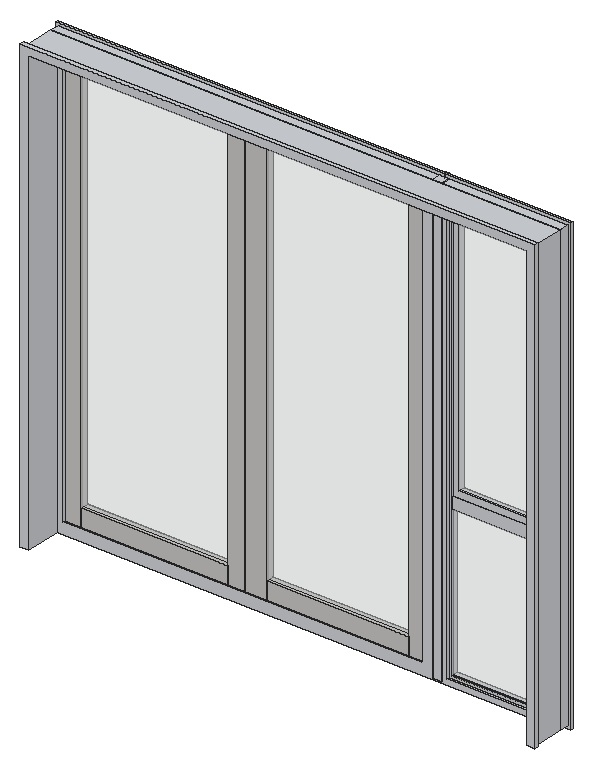
Revit family "APL Residential Thermal Heart French Door with Sidelight", category Doors, host Wall, Revit 2017 (continued)
Definition of nested family "APL Residential Thermal Heart French Door with Sidelight Horizontal Section"
  Nested families
    nested 6: "Keeper&Lock Stile" at (-858.668, 1.413, 0), type "Keeper&Lock Stile", in view "Ref. Level", detail levels fine
    nested 7: "Glazing Bead" at (-775.268, 16.913, 0) x (0, 1, 0) z (0, 0, 1), Glass Lenght <- "Glass Lenth 2", type "DG", in view "Ref. Level", detail levels fine
      with Glass Lenght 229 mm
    nested 8: "Glazing Bead" at (-942.014, 16.913, 0) x (0, 1, 0) z (0, 0, 1), Glass Lenght <- "Glass Length 1", type "DG", in view "Ref. Level", detail levels fine
      with Glass Lenght 220 mm
    nested 9: "Frame Sash" at (139.886, 7.673, 0) x (0, 1, 0) z (0, 0, 1), type "Frame Sash", in view "Ref. Level", detail levels fine
    nested 10: "Glass" at (140.386, 8.673, 0) x (0, 1, 0) z (0, 0, 1), Glass Lenght <- "Glass Length", type "Glass", in view "Ref. Level", detail levels fine
      with Glass Lenght 370 mm
    nested 11: "Coupling Bar" at (-408.614, 5.969, 0), type "Coupling Bar", in view "Ref. Level", detail levels fine
    nested 12: "Glass" at (-336.114, 8.673, 0) x (0, 1, 0) z (0, 0, 1), Glass Lenght <- "Glass Length", type "Glass", in view "Ref. Level", detail levels fine
      with Glass Lenght 370 mm
  Definition of nested family "Liner"
    Parameters (values of type "Liner")
      Type Image = (empty or 0)
      built-in parameter 1001306 [instance] = 100 mm
      Groove [instance] = 10 mm
      End Liner [instance] = 10 mm
    Reference planes
      plane 1 "Center (Front/Back)": y = 0
      plane 2: z = 0
      plane 3 "Left": x = 0
      plane 4 "Right": x = 100
    Lines and regions (mm)
      Filled region 1, type "Brick", in view "Ref. Level"
        outline origin (0, 0, 0) x (1, 0, 0) y (0, 1, 0)
          loop
            line (0, 0) -> (120, 0) -> (120, 19) -> (110, 19) -> (110, 13.435) -> (100, 13.435) -> (100, 19) -> (0, 19) -> (0, 0)
      reference lines, in view "Ref. Level"
        curve 1: line (0, 0, 0) -> (100, 0, 0)
      detail lines, in view "Ref. Level", detail levels fine
        curve 2: line (100, 0, 0) -> (0, 0, 0)
    Dimensions and locks
      "built-in parameter 1001306": plane 3 "Left" to plane 4 "Right"
      locked: Filled region 1 to curve 2 at 19
      "Groove": plane 4 "Right" to Filled region 1
      "End Liner": Filled region 1 to Filled region 1
      aligned and locked: plane 1 "Center (Front/Back)" to curve 1
      aligned and locked: plane 3 "Left" to curve 1
      aligned and locked: plane 4 "Right" to curve 1
      aligned and locked: curve 1 to Filled region 1
      aligned and locked: plane 1 "Center (Front/Back)" to Filled region 1
      aligned and locked: Filled region 1 to plane 3 "Left"
    Automatic sketch dimensions
      curve 2 to plane 4 "Right" = 0 mm
      Filled region 1 sketch curve to plane 3 "Left" = 0 mm
      Filled region 1 sketch curve to plane 4 "Right" = 0 mm
      Filled region 1 sketch curve to Filled region 1 sketch curve = 10 mm  (x2)
      Filled region 1 sketch curve to plane 1 "Center (Front/Back)" = 0 mm
      Filled region 1 sketch curve to plane 1 "Center (Front/Back)" = 13.435 mm
      Filled region 1 sketch curve to Filled region 1 sketch curve = 5.565 mm  (x2)
      curve 2 to plane 3 "Left" = 0 mm
  Definition of nested family "Open Out Jamb&Hinge"
    Reference planes
      plane 1 "Center (Front/Back)": y = 0
      plane 2: z = 0
      plane 3 "Center (Left/Right)": x = 0
    Lines and regions (mm)
      detail lines, in view "Ref. Level", not visible
        curve 1: arc (27.921, 135.423, 0) -> (27.611, 135.563, 0) -> (27.449, 135.264, 0) r 0.25
        curve 2: arc (27.475, 125.376, 0) -> (27.637, 125.077, 0) -> (27.948, 125.217, 0) r 0.25
        curve 3: line (27.449, 135.264, 0) -> (28.443, 131.396, 0)
        curve 4: line (28.443, 131.396, 0) -> (27.439, 130.817, 0)
        curve 5: line (27.439, 130.817, 0) -> (27.439, 129.817, 0)
        curve 6: line (27.439, 129.817, 0) -> (28.465, 129.225, 0)
        curve 7: line (28.465, 129.225, 0) -> (27.475, 125.376, 0)
        curve 8: line (27.948, 125.217, 0) -> (29.672, 129.317, 0)
        curve 9: line (29.672, 129.317, 0) -> (30.939, 129.317, 0)
        curve 10: line (30.939, 129.317, 0) -> (30.939, 128.067, 0)
        curve 11: line (30.939, 128.067, 0) -> (31.939, 128.067, 0)
        curve 12: line (31.939, 128.067, 0) -> (31.939, 132.567, 0)
        curve 13: line (31.939, 132.567, 0) -> (30.939, 132.567, 0)
        curve 14: line (30.939, 132.567, 0) -> (30.939, 131.317, 0)
        curve 15: line (30.939, 131.317, 0) -> (29.647, 131.317, 0)
        curve 16: line (29.647, 131.317, 0) -> (27.921, 135.423, 0)
        curve 17: arc (43.239, 46.459, 0) -> (43.098, 46.401, 0) -> (43.039, 46.259, 0) r 0.2
        curve 18: arc (43.039, 43.539, 0) -> (42.981, 43.398, 0) -> (42.839, 43.339, 0) r 0.2
        curve 19: arc (41.739, 43.339, 0) -> (41.032, 43.632, 0) -> (40.739, 44.339, 0) r 1
        curve 20: arc (40.304, 42.421, 0) -> (39.422, 41.539, 0) -> (38.539, 42.421, 0) r 0.882
        curve 21: arc (38.539, 44.651, 0) -> (38.545, 44.752, 0) -> (38.56, 44.852, 0) r 1
        curve 22: arc (39.401, 48.942, 0) -> (39.95, 49.665, 0) -> (40.814, 49.939, 0) r 1.5
        curve 23: arc (42.039, 49.939, 0) -> (42.747, 49.646, 0) -> (43.039, 48.939, 0) r 1
        curve 24: arc (47.988, 48.439, 0) -> (48.168, 48.327, 0) -> (48.146, 48.116, 0) r 0.2
        curve 25: arc (46.796, 45.416, 0) -> (46.657, 45.31, 0) -> (46.487, 45.354, 0) r 0.2
        curve 26: line (43.039, 46.259, 0) -> (43.039, 43.539, 0)
        curve 27: line (42.839, 43.339, 0) -> (42.439, 43.339, 0)
        curve 28: line (42.439, 43.339, 0) -> (41.739, 43.339, 0)
        curve 29: line (40.739, 44.339, 0) -> (40.739, 47.344, 0)
        curve 30: line (40.739, 47.344, 0) -> (40.312, 44.702, 0)
        curve 31: line (40.312, 44.702, 0) -> (40.304, 42.421, 0)
        curve 32: line (38.539, 42.421, 0) -> (38.539, 44.651, 0)
        curve 33: line (38.56, 44.852, 0) -> (39.401, 48.942, 0)
        curve 34: line (40.944, 49.939, 0) -> (42.039, 49.939, 0)
        curve 35: line (43.039, 48.939, 0) -> (43.039, 48.439, 0)
        curve 36: line (43.039, 48.439, 0) -> (47.988, 48.439, 0)
        curve 37: line (48.146, 48.116, 0) -> (46.796, 45.416, 0)
        curve 38: line (46.487, 45.354, 0) -> (45.203, 46.459, 0)
        curve 39: arc (45.203, 46.459, 0) -> (44.221, 46.592, 0) -> (43.239, 46.459, 0) r 3.701
        curve 40: arc (48.146, 48.116, 0) -> (48.168, 48.327, 0) -> (47.988, 48.439, 0) r 0.2
      detail lines, in view "Ref. Level"
        curve 41: arc (129.706, 28.021, 0) -> (129.846, 27.711, 0) -> (129.547, 27.548, 0) r 0.25
        curve 42: arc (119.659, 27.575, 0) -> (119.36, 27.737, 0) -> (119.5, 28.047, 0) r 0.25
        curve 43: line (129.547, 27.548, 0) -> (125.68, 28.542, 0)
        curve 44: line (125.68, 28.542, 0) -> (125.1, 27.539, 0)
        curve 45: line (125.1, 27.539, 0) -> (124.1, 27.539, 0)
        curve 46: line (124.1, 27.539, 0) -> (123.508, 28.564, 0)
        curve 47: line (123.508, 28.564, 0) -> (119.659, 27.575, 0)
        curve 48: line (119.5, 28.047, 0) -> (123.6, 29.771, 0)
        curve 49: line (123.6, 29.771, 0) -> (123.6, 31.039, 0)
        curve 50: line (123.6, 31.039, 0) -> (122.35, 31.039, 0)
        curve 51: line (122.35, 31.039, 0) -> (122.35, 32.039, 0)
        curve 52: line (122.35, 32.039, 0) -> (126.85, 32.039, 0)
        curve 53: line (126.85, 32.039, 0) -> (126.85, 31.039, 0)
        curve 54: line (126.85, 31.039, 0) -> (125.6, 31.039, 0)
        curve 55: line (125.6, 31.039, 0) -> (125.6, 29.747, 0)
        curve 56: line (125.6, 29.747, 0) -> (129.706, 28.021, 0)
        curve 57: arc (48.76, 43.939, 0) -> (48.701, 43.798, 0) -> (48.56, 43.739, 0) r 0.2
        curve 58: arc (45.839, 43.739, 0) -> (45.698, 43.681, 0) -> (45.639, 43.539, 0) r 0.2
        curve 59: arc (45.639, 42.439, 0) -> (45.932, 41.732, 0) -> (46.639, 41.439, 0) r 1
        curve 60: arc (44.722, 41.004, 0) -> (43.839, 40.122, 0) -> (44.722, 39.239, 0) r 0.882
        curve 61: arc (46.951, 39.239, 0) -> (47.052, 39.244, 0) -> (47.153, 39.26, 0) r 1
        curve 62: arc (51.243, 40.101, 0) -> (51.965, 40.649, 0) -> (52.239, 41.514, 0) r 1.5
        curve 63: arc (52.239, 42.739, 0) -> (51.947, 43.446, 0) -> (51.239, 43.739, 0) r 1
        curve 64: arc (50.739, 48.688, 0) -> (50.627, 48.868, 0) -> (50.417, 48.846, 0) r 0.2
        curve 65: arc (47.717, 47.496, 0) -> (47.61, 47.357, 0) -> (47.655, 47.187, 0) r 0.2
        curve 66: line (48.56, 43.739, 0) -> (45.839, 43.739, 0)
        curve 67: line (45.639, 43.539, 0) -> (45.639, 43.139, 0)
        curve 68: line (45.639, 43.139, 0) -> (45.639, 42.439, 0)
        curve 69: line (46.639, 41.439, 0) -> (49.644, 41.439, 0)
        curve 70: line (49.644, 41.439, 0) -> (47.003, 41.012, 0)
        curve 71: line (47.003, 41.012, 0) -> (44.722, 41.004, 0)
        curve 72: line (44.722, 39.239, 0) -> (46.951, 39.239, 0)
        curve 73: line (47.153, 39.26, 0) -> (51.243, 40.101, 0)
        curve 74: line (52.239, 41.644, 0) -> (52.239, 42.739, 0)
        curve 75: line (51.239, 43.739, 0) -> (50.739, 43.739, 0)
        curve 76: line (50.739, 43.739, 0) -> (50.739, 48.688, 0)
        curve 77: line (50.417, 48.846, 0) -> (47.717, 47.496, 0)
        curve 78: line (47.655, 47.187, 0) -> (48.76, 45.903, 0)
        curve 79: arc (48.76, 45.903, 0) -> (48.892, 44.921, 0) -> (48.76, 43.939, 0) r 3.701
        curve 80: arc (50.417, 48.846, 0) -> (50.627, 48.868, 0) -> (50.739, 48.688, 0) r 0.2
    Nested families
      nested 1: "65310_Open Out Frame" at (-0.7, 0.7, 0) x (0, 1, 0) z (0, 0, 1), type "65310_Open Out Frame", in view "Ref. Level"
      nested 2: "65210_Lock Stile" at (39.35, -12.761, 0) x (0, 1, 0) z (0, 0, 1), type "65210_Lock Stile", in view "Ref. Level"
    Definition of nested family "65310_Open Out Frame"
      Reference planes
        plane 1 "Center (Front/Back)": y = 0
        plane 2: z = 0
        plane 3 "Center (Left/Right)": x = 0
      Lines and regions (mm)
        model lines, in view "Ref. Level"
          curve 1: arc (25.4, 8.561, 0) -> (25.517, 8.844, 0) -> (25.8, 8.961, 0) r 0.4
          curve 2: arc (26.093, 8.961, 0) -> (26.196, 8.947, 0) -> (26.293, 8.907, 0) r 0.4
          curve 3: arc (27.821, 8.022, 0) -> (28.111, 7.902, 0) -> (28.422, 7.861, 0) r 1.2
          curve 4: arc (29.345, 7.861, 0) -> (29.918, 7.68, 0) -> (30.284, 7.203, 0) r 1
          curve 5: arc (31.077, 5.024, 0) -> (31.224, 4.833, 0) -> (31.453, 4.761, 0) r 0.4
          curve 6: arc (37.947, 4.761, 0) -> (38.176, 4.833, 0) -> (38.323, 5.024, 0) r 0.4
          curve 7: arc (39.116, 7.203, 0) -> (39.482, 7.68, 0) -> (40.055, 7.861, 0) r 1
          curve 8: arc (40.978, 7.861, 0) -> (41.289, 7.902, 0) -> (41.579, 8.022, 0) r 1.2
          curve 9: arc (43.107, 8.907, 0) -> (43.204, 8.947, 0) -> (43.307, 8.961, 0) r 0.4
          curve 10: arc (43.6, 8.961, 0) -> (43.883, 8.844, 0) -> (44, 8.561, 0) r 0.4
          curve 11: arc (44, 5.161, 0) -> (43.883, 4.878, 0) -> (43.6, 4.761, 0) r 0.4
          curve 12: arc (43.307, 4.761, 0) -> (43.204, 4.775, 0) -> (43.107, 4.815, 0) r 0.4
          curve 13: arc (41.579, 5.699, 0) -> (41.285, 5.821, 0) -> (40.97, 5.861, 0) r 1.2
          curve 14: arc (40.97, 5.861, 0) -> (40.795, 5.808, 0) -> (40.684, 5.664, 0) r 0.3
          curve 15: arc (39.796, 3.224, 0) -> (39.649, 3.033, 0) -> (39.42, 2.961, 0) r 0.4
          curve 16: arc (29.98, 2.961, 0) -> (29.751, 3.033, 0) -> (29.604, 3.224, 0) r 0.4
          curve 17: arc (28.716, 5.664, 0) -> (28.605, 5.808, 0) -> (28.43, 5.861, 0) r 0.3
          curve 18: arc (28.43, 5.861, 0) -> (28.115, 5.821, 0) -> (27.821, 5.699, 0) r 1.2
          curve 19: arc (26.293, 4.815, 0) -> (26.196, 4.775, 0) -> (26.093, 4.761, 0) r 0.4
          curve 20: arc (25.8, 4.761, 0) -> (25.517, 4.878, 0) -> (25.4, 5.161, 0) r 0.4
          curve 21: line (25.8, 8.961, 0) -> (26.093, 8.961, 0)
          curve 22: line (26.293, 8.907, 0) -> (27.821, 8.022, 0)
          curve 23: line (28.422, 7.861, 0) -> (29.345, 7.861, 0)
          curve 24: line (30.284, 7.203, 0) -> (31.077, 5.024, 0)
          curve 25: line (31.453, 4.761, 0) -> (37.947, 4.761, 0)
          curve 26: line (38.323, 5.024, 0) -> (39.116, 7.203, 0)
          curve 27: line (40.055, 7.861, 0) -> (40.978, 7.861, 0)
          curve 28: line (41.579, 8.022, 0) -> (43.107, 8.907, 0)
          curve 29: line (43.307, 8.961, 0) -> (43.6, 8.961, 0)
          curve 30: line (44, 8.561, 0) -> (44, 5.161, 0)
          curve 31: line (43.6, 4.761, 0) -> (43.307, 4.761, 0)
          curve 32: line (43.107, 4.815, 0) -> (41.579, 5.699, 0)
          curve 33: line (40.684, 5.664, 0) -> (39.796, 3.224, 0)
          curve 34: line (39.42, 2.961, 0) -> (29.98, 2.961, 0)
          curve 35: line (29.604, 3.224, 0) -> (28.716, 5.664, 0)
          curve 36: line (27.821, 5.699, 0) -> (26.293, 4.815, 0)
          curve 37: line (26.093, 4.761, 0) -> (25.8, 4.761, 0)
          curve 38: line (25.4, 5.161, 0) -> (25.4, 8.561, 0)
          curve 39: arc (50, 52.5, 0) -> (49.854, 52.854, 0) -> (49.5, 53, 0) r 0.5
          curve 40: arc (43.2, 53, 0) -> (43.059, 52.941, 0) -> (43, 52.8, 0) r 0.2
          curve 41: arc (43, 51.6, 0) -> (43.059, 51.459, 0) -> (43.2, 51.4, 0) r 0.2
          curve 42: arc (48.3, 51.4, 0) -> (48.441, 51.341, 0) -> (48.5, 51.2, 0) r 0.2
          curve 43: arc (48.5, 48.1, 0) -> (48.441, 47.959, 0) -> (48.3, 47.9, 0) r 0.2
          curve 44: arc (45, 48.65, 0) -> (44.846, 48.881, 0) -> (44.573, 48.827, 0) r 0.25
          curve 45: arc (43, 44.6, 0) -> (43.059, 44.459, 0) -> (43.2, 44.4, 0) r 0.2
          curve 46: arc (43.2, 44.4, 0) -> (43.766, 44.634, 0) -> (44, 45.2, 0) r 0.8
          curve 47: arc (46.4, 46, 0) -> (46.8, 45.6, 0) -> (47.2, 46, 0) r 0.4
          curve 48: arc (46.2, 33.5, 0) -> (46.054, 33.854, 0) -> (45.7, 34, 0) r 0.5
          curve 49: arc (44, 34, 0) -> (43.293, 33.707, 0) -> (43, 33, 0) r 1
          curve 50: arc (43, 32.9, 0) -> (43.088, 32.688, 0) -> (43.3, 32.6, 0) r 0.3
          curve 51: arc (44.858, 32.6, 0) -> (45.363, 31.878, 0) -> (46.2, 31.6, 0) r 1.4
          curve 52: arc (47.9, 31.6, 0) -> (48.041, 31.541, 0) -> (48.1, 31.4, 0) r 0.2
          curve 53: arc (48.1, 26.5, 0) -> (47.807, 25.793, 0) -> (47.1, 25.5, 0) r 1
          curve 54: arc (43.083, 25.5, 0) -> (42.778, 25.301, 0) -> (42.505, 25.543, 0) r 0.3
          curve 55: arc (42.505, 25.543, 0) -> (42.439, 25.681, 0) -> (42.313, 25.768, 0) r 0.3
          curve 56: arc (40.903, 26.282, 0) -> (40.617, 26.238, 0) -> (40.501, 25.974, 0) r 0.3
          curve 57: arc (40.708, 23.608, 0) -> (40.735, 23.508, 0) -> (40.795, 23.422, 0) r 0.3
          curve 58: arc (41.159, 23.059, 0) -> (41.352, 23.007, 0) -> (41.493, 23.148, 0) r 0.2
          curve 59: arc (41.538, 23.316, 0) -> (41.59, 23.405, 0) -> (41.679, 23.457, 0) r 0.2
          curve 60: arc (43.9, 24, 0) -> (44.18, 23.807, 0) -> (44.1, 23.476, 0) r 0.3
          curve 61: arc (44.1, 23.476, 0) -> (44.026, 23.375, 0) -> (44, 23.253, 0) r 0.3
          curve 62: arc (44.194, 19.25, 0) -> (44.158, 19.078, 0) -> (44, 19, 0) r 0.2
          curve 63: arc (43.479, 19, 0) -> (43.398, 19.011, 0) -> (43.323, 19.044, 0) r 0.3
          curve 64: arc (42.069, 19.809, 0) -> (42.072, 19.979, 0) -> (41.966, 20.111, 0) r 0.25
          curve 65: arc (41.88, 20.163, 0) -> (41.65, 20.179, 0) -> (41.505, 20, 0) r 0.25
          curve 66: arc (41.255, 20, 0) -> (41.114, 19.941, 0) -> (41.055, 19.8, 0) r 0.2
          curve 67: arc (41.055, 18.984, 0) -> (41.102, 18.772, 0) -> (41.235, 18.6, 0) r 0.5
          curve 68: arc (43.92, 16.362, 0) -> (44.053, 16.19, 0) -> (44.1, 15.978, 0) r 0.5
          curve 69: arc (44.1, 12.522, 0) -> (44.053, 12.31, 0) -> (43.92, 12.138, 0) r 0.5
          curve 70: arc (41.235, 9.9, 0) -> (41.102, 9.728, 0) -> (41.055, 9.516, 0) r 0.5
          curve 71: arc (41.055, 8.7, 0) -> (41.114, 8.559, 0) -> (41.255, 8.5, 0) r 0.2
          curve 72: arc (41.505, 8.5, 0) -> (41.65, 8.321, 0) -> (41.88, 8.337, 0) r 0.25
          curve 73: arc (41.966, 8.389, 0) -> (42.072, 8.521, 0) -> (42.069, 8.691, 0) r 0.25
          curve 74: arc (43.322, 9.456, 0) -> (43.398, 9.489, 0) -> (43.479, 9.5, 0) r 0.3
          curve 75: arc (44, 9.5, 0) -> (44.158, 9.422, 0) -> (44.194, 9.25, 0) r 0.2
          curve 76: arc (44, 5.247, 0) -> (44.026, 5.125, 0) -> (44.1, 5.024, 0) r 0.3
          curve 77: arc (44.1, 5.024, 0) -> (44.18, 4.693, 0) -> (43.9, 4.5, 0) r 0.3
          curve 78: arc (41.679, 5.043, 0) -> (41.59, 5.095, 0) -> (41.538, 5.184, 0) r 0.2
          curve 79: arc (41.493, 5.352, 0) -> (41.352, 5.493, 0) -> (41.159, 5.441, 0) r 0.2
          curve 80: arc (40.795, 5.078, 0) -> (40.735, 4.992, 0) -> (40.708, 4.892, 0) r 0.3
          curve 81: arc (40.501, 2.526, 0) -> (40.617, 2.262, 0) -> (40.903, 2.218, 0) r 0.3
          curve 82: arc (42.313, 2.732, 0) -> (42.439, 2.819, 0) -> (42.505, 2.957, 0) r 0.3
          curve 83: arc (42.505, 2.957, 0) -> (42.778, 3.199, 0) -> (43.083, 3, 0) r 0.3
          curve 84: arc (44.4, 3, 0) -> (44.541, 2.941, 0) -> (44.6, 2.8, 0) r 0.2
          curve 85: arc (44.6, 1.3, 0) -> (44.981, 0.381, 0) -> (45.9, 0, 0) r 1.3
          curve 86: arc (55.35, 0, 0) -> (56, 0.65, 0) -> (55.35, 1.3, 0) r 0.65
          curve 87: arc (46, 23.1, 0) -> (46.146, 23.454, 0) -> (46.5, 23.6, 0) r 0.5
          curve 88: arc (48.1, 23.6, 0) -> (48.454, 23.454, 0) -> (48.6, 23.1, 0) r 0.5
          curve 89: arc (48.6, 21.2, 0) -> (48.746, 20.846, 0) -> (49.1, 20.7, 0) r 0.5
          curve 90: arc (49.5, 20.7, 0) -> (49.854, 20.846, 0) -> (50, 21.2, 0) r 0.5
          curve 91: line (49.5, 53, 0) -> (43.2, 53, 0)
          curve 92: line (43, 52.8, 0) -> (43, 51.6, 0)
          curve 93: line (43.2, 51.4, 0) -> (48.3, 51.4, 0)
          curve 94: line (48.5, 51.2, 0) -> (48.5, 48.1, 0)
          curve 95: line (48.3, 47.9, 0) -> (45, 47.9, 0)
          curve 96: line (45, 47.9, 0) -> (45, 48.65, 0)
          curve 97: line (44.573, 48.827, 0) -> (43.059, 47.312, 0)
          curve 98: line (43.059, 47.312, 0) -> (43, 44.6, 0)
          curve 99: line (44, 45.2, 0) -> (44, 46.5, 0)
          curve 100: line (44, 46.5, 0) -> (46.4, 46.5, 0)
          curve 101: line (46.4, 46.5, 0) -> (46.4, 46, 0)
          curve 102: line (47.2, 46, 0) -> (47.2, 46.5, 0)
          curve 103: line (47.2, 46.5, 0) -> (48.5, 46.5, 0)
          curve 104: line (48.5, 46.5, 0) -> (48.5, 33, 0)
          curve 105: line (48.5, 33, 0) -> (46.2, 33, 0)
          curve 106: line (46.2, 33, 0) -> (46.2, 33.5, 0)
          curve 107: line (45.7, 34, 0) -> (44, 34, 0)
          curve 108: line (43.3, 32.6, 0) -> (44.858, 32.6, 0)
          curve 109: line (46.2, 31.6, 0) -> (47.9, 31.6, 0)
          curve 110: line (48.1, 31.4, 0) -> (48.1, 26.5, 0)
          curve 111: line (47.1, 25.5, 0) -> (43.083, 25.5, 0)
          curve 112: line (42.313, 25.768, 0) -> (40.903, 26.282, 0)
          curve 113: line (40.501, 25.974, 0) -> (40.708, 23.608, 0)
          curve 114: line (40.795, 23.422, 0) -> (41.159, 23.059, 0)
          curve 115: line (41.493, 23.148, 0) -> (41.538, 23.316, 0)
          curve 116: line (41.538, 23.316, 0) -> (43.668, 23.99, 0)
          curve 117: line (43.668, 23.99, 0) -> (43.9, 24, 0)
          curve 118: line (44, 23.253, 0) -> (44, 20.025, 0)
          curve 119: line (44, 20.025, 0) -> (44.194, 19.25, 0)
          curve 120: line (44, 19, 0) -> (43.479, 19, 0)
          curve 121: line (43.479, 19, 0) -> (42.069, 19.809, 0)
          curve 122: line (41.505, 20, 0) -> (41.255, 20, 0)
          curve 123: line (41.055, 19.8, 0) -> (41.055, 18.984, 0)
          curve 124: line (41.235, 18.6, 0) -> (43.92, 16.362, 0)
          curve 125: line (44.1, 15.978, 0) -> (44.1, 12.522, 0)
          curve 126: line (43.92, 12.138, 0) -> (41.235, 9.9, 0)
          curve 127: line (41.055, 9.516, 0) -> (41.055, 8.7, 0)
          curve 128: line (41.255, 8.5, 0) -> (41.505, 8.5, 0)
          curve 129: line (42.069, 8.691, 0) -> (43.322, 9.456, 0)
          curve 130: line (43.322, 9.456, 0) -> (44, 9.5, 0)
          curve 131: line (44.194, 9.25, 0) -> (44.006, 8.525, 0)
          curve 132: line (44.006, 8.525, 0) -> (44, 5.247, 0)
          curve 133: line (43.746, 4.5, 0) -> (41.679, 5.043, 0)
          curve 134: line (41.679, 5.043, 0) -> (41.493, 5.352, 0)
          curve 135: line (41.159, 5.441, 0) -> (40.795, 5.078, 0)
          curve 136: line (40.708, 4.892, 0) -> (40.501, 2.526, 0)
          curve 137: line (40.903, 2.218, 0) -> (42.313, 2.732, 0)
          curve 138: line (43.083, 3, 0) -> (44.4, 3, 0)
          curve 139: line (44.6, 2.8, 0) -> (44.6, 1.3, 0)
          curve 140: line (45.9, 0, 0) -> (47.7, 0, 0)
          curve 141: line (47.7, 0, 0) -> (48, 0.3, 0)
          curve 142: line (48, 0.3, 0) -> (53.25, 0.3, 0)
          curve 143: line (53.25, 0.3, 0) -> (53.55, 0, 0)
          curve 144: line (53.55, 0, 0) -> (55.35, 0, 0)
          curve 145: line (55.35, 1.3, 0) -> (46, 1.3, 0)
          curve 146: line (46, 1.3, 0) -> (46, 23.1, 0)
          curve 147: line (46.5, 23.6, 0) -> (48.1, 23.6, 0)
          curve 148: line (48.6, 23.1, 0) -> (48.6, 21.2, 0)
          curve 149: line (49.1, 20.7, 0) -> (49.5, 20.7, 0)
          curve 150: line (50, 21.2, 0) -> (50, 52.5, 0)
          curve 151: arc (-4.1, 23.1, 0) -> (-4.241, 23.159, 0) -> (-4.3, 23.3, 0) r 0.2
          curve 152: arc (-4.3, 23.9, 0) -> (-4.359, 24.041, 0) -> (-4.5, 24.1, 0) r 0.2
          curve 153: arc (-4.875, 24.1, 0) -> (-5.496, 24.182, 0) -> (-6.075, 24.422, 0) r 2.4
          curve 154: arc (-13.9, 27.9, 0) -> (-14.041, 27.841, 0) -> (-14.1, 27.7, 0) r 0.2
          curve 155: arc (-14.1, -0.131, 0) -> (-13.951, -0.808, 0) -> (-13.528, -1.359, 0) r 1.6
          curve 156: arc (-7.044, -6.8, 0) -> (-6.701, -6.916, 0) -> (-6.369, -6.77, 0) r 0.5
          curve 157: arc (-1.693, -2.094, 0) -> (-1.476, -1.769, 0) -> (-1.4, -1.386, 0) r 1
          curve 158: arc (-1.4, 3.2, 0) -> (-0.844, 4.544, 0) -> (0.5, 5.1, 0) r 1.9
          curve 159: arc (23.3, 5.1, 0) -> (23.441, 5.159, 0) -> (23.5, 5.3, 0) r 0.2
          curve 160: arc (23.5, 16.1, 0) -> (23.441, 16.241, 0) -> (23.3, 16.3, 0) r 0.2
          curve 161: arc (18.3, 16.3, 0) -> (18.159, 16.359, 0) -> (18.1, 16.5, 0) r 0.2
          curve 162: arc (18.1, 17.7, 0) -> (18.159, 17.841, 0) -> (18.3, 17.9, 0) r 0.2
          curve 163: arc (23.3, 17.9, 0) -> (23.441, 17.959, 0) -> (23.5, 18.1, 0) r 0.2
          curve 164: arc (23.5, 23.9, 0) -> (23.441, 24.041, 0) -> (23.3, 24.1, 0) r 0.2
          curve 165: arc (16.301, 24.1, 0) -> (16.159, 24.042, 0) -> (16.1, 23.9, 0) r 0.2
          curve 166: arc (16.1, 23.3, 0) -> (16.041, 23.159, 0) -> (15.9, 23.1, 0) r 0.2
          curve 167: arc (11.3, 23.1, 0) -> (11.159, 23.159, 0) -> (11.1, 23.3, 0) r 0.2
          curve 168: arc (11.1, 23.9, 0) -> (11.041, 24.041, 0) -> (10.9, 24.1, 0) r 0.2
          curve 169: arc (2.7, 24.1, 0) -> (2.559, 24.041, 0) -> (2.5, 23.9, 0) r 0.2
          curve 170: arc (2.5, 16.5, 0) -> (2.441, 16.359, 0) -> (2.3, 16.3, 0) r 0.2
          curve 171: arc (1.3, 16.3, 0) -> (1.159, 16.359, 0) -> (1.1, 16.5, 0) r 0.2
          curve 172: arc (1.1, 22.9, 0) -> (1.041, 23.041, 0) -> (0.9, 23.1, 0) r 0.2
          curve 173: arc (26.317, 25.5, 0) -> (26.622, 25.301, 0) -> (26.895, 25.543, 0) r 0.3
          curve 174: arc (26.895, 25.543, 0) -> (26.961, 25.681, 0) -> (27.087, 25.768, 0) r 0.3
          curve 175: arc (28.497, 26.282, 0) -> (28.783, 26.238, 0) -> (28.899, 25.974, 0) r 0.3
          curve 176: arc (28.692, 23.608, 0) -> (28.665, 23.508, 0) -> (28.605, 23.422, 0) r 0.3
          curve 177: arc (28.241, 23.059, 0) -> (28.048, 23.007, 0) -> (27.907, 23.148, 0) r 0.2
          curve 178: arc (27.862, 23.316, 0) -> (27.81, 23.405, 0) -> (27.721, 23.457, 0) r 0.2
          curve 179: arc (25.5, 24, 0) -> (25.22, 23.807, 0) -> (25.3, 23.476, 0) r 0.3
          curve 180: arc (25.3, 23.476, 0) -> (25.374, 23.375, 0) -> (25.4, 23.253, 0) r 0.3
          curve 181: arc (25.206, 19.25, 0) -> (25.242, 19.078, 0) -> (25.4, 19, 0) r 0.2
          curve 182: arc (25.921, 19, 0) -> (26.002, 19.011, 0) -> (26.077, 19.044, 0) r 0.3
          curve 183: arc (27.331, 19.809, 0) -> (27.328, 19.979, 0) -> (27.434, 20.111, 0) r 0.25
          curve 184: arc (27.52, 20.163, 0) -> (27.75, 20.179, 0) -> (27.895, 20, 0) r 0.25
          curve 185: arc (28.145, 20, 0) -> (28.286, 19.941, 0) -> (28.345, 19.8, 0) r 0.2
          curve 186: arc (28.345, 18.984, 0) -> (28.298, 18.772, 0) -> (28.165, 18.6, 0) r 0.5
          curve 187: arc (25.58, 16.446, 0) -> (25.447, 16.274, 0) -> (25.4, 16.062, 0) r 0.5
          curve 188: arc (25.4, 12.438, 0) -> (25.447, 12.226, 0) -> (25.58, 12.054, 0) r 0.5
          curve 189: arc (28.165, 9.9, 0) -> (28.298, 9.728, 0) -> (28.345, 9.516, 0) r 0.5
          curve 190: arc (28.345, 8.7, 0) -> (28.286, 8.559, 0) -> (28.145, 8.5, 0) r 0.2
          curve 191: arc (27.895, 8.5, 0) -> (27.75, 8.321, 0) -> (27.52, 8.337, 0) r 0.25
          curve 192: arc (27.434, 8.389, 0) -> (27.328, 8.521, 0) -> (27.331, 8.691, 0) r 0.25
          curve 193: arc (26.078, 9.456, 0) -> (26.002, 9.489, 0) -> (25.921, 9.5, 0) r 0.3
          curve 194: arc (25.4, 9.5, 0) -> (25.242, 9.422, 0) -> (25.206, 9.25, 0) r 0.2
          curve 195: arc (25.4, 5.247, 0) -> (25.374, 5.125, 0) -> (25.3, 5.024, 0) r 0.3
          curve 196: arc (25.3, 5.024, 0) -> (25.22, 4.693, 0) -> (25.5, 4.5, 0) r 0.3
          curve 197: arc (27.721, 5.043, 0) -> (27.81, 5.095, 0) -> (27.862, 5.184, 0) r 0.2
          curve 198: arc (27.907, 5.352, 0) -> (28.048, 5.493, 0) -> (28.241, 5.441, 0) r 0.2
          curve 199: arc (28.605, 5.078, 0) -> (28.665, 4.992, 0) -> (28.692, 4.892, 0) r 0.3
          curve 200: arc (28.899, 2.526, 0) -> (28.783, 2.262, 0) -> (28.497, 2.218, 0) r 0.3
          curve 201: arc (27.087, 2.732, 0) -> (26.961, 2.819, 0) -> (26.895, 2.957, 0) r 0.3
          curve 202: arc (26.895, 2.957, 0) -> (26.622, 3.199, 0) -> (26.317, 3, 0) r 0.3
          curve 203: arc (24, 3, 0) -> (23.704, 3.097, 0) -> (23.523, 3.35, 0) r 0.5
          curve 204: arc (23.523, 3.35, 0) -> (23.342, 3.603, 0) -> (23.046, 3.7, 0) r 0.5
          curve 205: arc (0.5, 3.7, 0) -> (0.146, 3.554, 0) -> (0, 3.2, 0) r 0.5
          curve 206: arc (0, -1.801, 0) -> (-0.107, -2.336, 0) -> (-0.41, -2.791, 0) r 1.4
          curve 207: arc (-5.407, -7.787, 0) -> (-5.624, -8.112, 0) -> (-5.7, -8.495, 0) r 1
          curve 208: arc (-5.7, -14.159, 0) -> (-5.623, -14.316, 0) -> (-5.452, -14.353, 0) r 0.2
          curve 209: arc (-5.452, -14.353, 0) -> (-4.643, -14.677, 0) -> (-4.687, -15.548, 0) r 0.75
          curve 210: arc (-4.687, -15.548, 0) -> (-5.025, -16.505, 0) -> (-4.687, -17.462, 0) r 1.525
          curve 211: arc (-4.687, -17.462, 0) -> (-4.594, -17.613, 0) -> (-4.539, -17.781, 0) r 0.75
          curve 212: arc (-4.539, -17.781, 0) -> (-4.442, -17.992, 0) -> (-4.26, -18.136, 0) r 0.5
          curve 213: arc (-4.26, -18.136, 0) -> (-3.5, -18.305, 0) -> (-2.74, -18.137, 0) r 1.8
          curve 214: arc (-2.74, -18.137, 0) -> (-2.558, -17.992, 0) -> (-2.461, -17.78, 0) r 0.5
          curve 215: arc (-2.461, -17.78, 0) -> (-2.406, -17.612, 0) -> (-2.312, -17.461, 0) r 0.737
          curve 216: arc (-2.312, -17.461, 0) -> (-1.975, -16.505, 0) -> (-2.312, -15.549, 0) r 1.525
          curve 217: arc (-2.312, -15.549, 0) -> (-2.2, -14.512, 0) -> (-1.163, -14.624, 0) r 0.737
          curve 218: arc (-1.163, -14.624, 0) -> (-0.507, -16.296, 0) -> (-0.924, -18.044, 0) r 3
          curve 219: arc (-0.924, -18.044, 0) -> (-0.93, -18.547, 0) -> (-0.495, -18.8, 0) r 0.5
          curve 220: arc (-0.2, -18.8, 0) -> (-0.059, -18.859, 0) -> (0, -19, 0) r 0.2
          curve 221: arc (0, -19.8, 0) -> (-0.059, -19.941, 0) -> (-0.2, -20, 0) r 0.2
          curve 222: arc (-6, -20, 0) -> (-6.707, -19.707, 0) -> (-7, -19, 0) r 1
          curve 223: arc (-7, -10.063, 0) -> (-7.281, -8.795, 0) -> (-8.072, -7.765, 0) r 3
          curve 224: arc (-14.428, -2.431, 0) -> (-15.219, -1.401, 0) -> (-15.5, -0.133, 0) r 3
          curve 225: arc (-15.5, 33, 0) -> (-15.207, 33.707, 0) -> (-14.5, 34, 0) r 1
          curve 226: arc (-12.1, 34, 0) -> (-11.393, 33.707, 0) -> (-11.1, 33, 0) r 1
          curve 227: arc (-11.1, 32.9, 0) -> (-11.188, 32.688, 0) -> (-11.4, 32.6, 0) r 0.3
          curve 228: arc (-12.1, 29.3, 0) -> (-11.738, 29.252, 0) -> (-11.4, 29.112, 0) r 1.4
          curve 229: arc (-5.375, 25.634, 0) -> (-5.134, 25.534, 0) -> (-4.875, 25.5, 0) r 1
          curve 230: line (0.9, 23.1, 0) -> (-4.1, 23.1, 0)
          curve 231: line (-4.3, 23.3, 0) -> (-4.3, 23.9, 0)
          curve 232: line (-4.5, 24.1, 0) -> (-4.875, 24.1, 0)
          curve 233: line (-6.075, 24.422, 0) -> (-12.054, 27.873, 0)
          curve 234: line (-12.054, 27.873, 0) -> (-13.9, 27.9, 0)
          curve 235: line (-14.1, 27.7, 0) -> (-14.1, -0.131, 0)
          curve 236: line (-13.528, -1.359, 0) -> (-7.044, -6.8, 0)
          curve 237: line (-6.369, -6.77, 0) -> (-1.693, -2.094, 0)
          curve 238: line (-1.4, -1.386, 0) -> (-1.4, 3.2, 0)
          curve 239: line (0.5, 5.1, 0) -> (23.3, 5.1, 0)
          curve 240: line (23.5, 5.3, 0) -> (23.5, 16.1, 0)
          curve 241: line (23.3, 16.3, 0) -> (18.3, 16.3, 0)
          curve 242: line (18.1, 16.5, 0) -> (18.1, 17.7, 0)
          curve 243: line (18.3, 17.9, 0) -> (23.3, 17.9, 0)
          curve 244: line (23.5, 18.1, 0) -> (23.5, 23.9, 0)
          curve 245: line (23.3, 24.1, 0) -> (16.301, 24.1, 0)
          curve 246: line (16.1, 23.9, 0) -> (16.1, 23.3, 0)
          curve 247: line (15.9, 23.1, 0) -> (11.3, 23.1, 0)
          curve 248: line (11.1, 23.3, 0) -> (11.1, 23.9, 0)
          curve 249: line (10.9, 24.1, 0) -> (2.7, 24.1, 0)
          curve 250: line (2.5, 23.9, 0) -> (2.5, 16.5, 0)
          curve 251: line (2.3, 16.3, 0) -> (1.3, 16.3, 0)
          curve 252: line (1.1, 16.5, 0) -> (1.1, 22.9, 0)
          curve 253: line (27.087, 25.768, 0) -> (28.497, 26.282, 0)
          curve 254: line (28.899, 25.974, 0) -> (28.692, 23.608, 0)
          curve 255: line (28.605, 23.422, 0) -> (28.241, 23.059, 0)
          curve 256: line (27.907, 23.148, 0) -> (27.862, 23.316, 0)
          curve 257: line (27.862, 23.316, 0) -> (25.732, 23.99, 0)
          curve 258: line (25.732, 23.99, 0) -> (25.5, 24, 0)
          curve 259: line (25.4, 23.253, 0) -> (25.4, 20.025, 0)
          curve 260: line (25.4, 20.025, 0) -> (25.206, 19.25, 0)
          curve 261: line (25.4, 19, 0) -> (25.921, 19, 0)
          curve 262: line (25.921, 19, 0) -> (27.331, 19.809, 0)
          curve 263: line (27.895, 20, 0) -> (28.145, 20, 0)
          curve 264: line (28.345, 19.8, 0) -> (28.345, 18.984, 0)
          curve 265: line (28.165, 18.6, 0) -> (25.58, 16.446, 0)
          curve 266: line (25.4, 16.062, 0) -> (25.4, 12.438, 0)
          curve 267: line (25.58, 12.054, 0) -> (28.165, 9.9, 0)
          curve 268: line (28.345, 9.516, 0) -> (28.345, 8.7, 0)
          curve 269: line (28.145, 8.5, 0) -> (27.895, 8.5, 0)
          curve 270: line (27.331, 8.691, 0) -> (26.078, 9.456, 0)
          curve 271: line (26.078, 9.456, 0) -> (25.4, 9.5, 0)
          curve 272: line (25.206, 9.25, 0) -> (25.394, 8.525, 0)
          curve 273: line (25.394, 8.525, 0) -> (25.4, 5.247, 0)
          curve 274: line (25.654, 4.5, 0) -> (27.721, 5.043, 0)
          curve 275: line (27.721, 5.043, 0) -> (27.907, 5.352, 0)
          curve 276: line (28.241, 5.441, 0) -> (28.605, 5.078, 0)
          curve 277: line (28.692, 4.892, 0) -> (28.899, 2.526, 0)
          curve 278: line (28.497, 2.218, 0) -> (27.087, 2.732, 0)
          curve 279: line (26.317, 3, 0) -> (24, 3, 0)
          curve 280: line (23.046, 3.7, 0) -> (17.783, 3.7, 0)
          curve 281: line (17.783, 3.7, 0) -> (17.559, 3.559, 0)
          curve 282: line (17.559, 3.559, 0) -> (12.4, 3.5, 0)
          curve 283: line (12.4, 3.5, 0) -> (12, 3.9, 0)
          curve 284: line (12, 3.9, 0) -> (11.6, 3.5, 0)
          curve 285: line (11.6, 3.5, 0) -> (6.583, 3.5, 0)
          curve 286: line (6.583, 3.5, 0) -> (6.359, 3.641, 0)
          curve 287: line (6.359, 3.641, 0) -> (0.5, 3.7, 0)
          curve 288: line (0, 3.2, 0) -> (0, -1.801, 0)
          curve 289: line (-0.41, -2.791, 0) -> (-5.407, -7.787, 0)
          curve 290: line (-5.7, -8.495, 0) -> (-5.7, -14.159, 0)
          curve 291: line (-0.495, -18.8, 0) -> (-0.2, -18.8, 0)
          curve 292: line (0, -19, 0) -> (0, -19.8, 0)
          curve 293: line (-0.2, -20, 0) -> (-6, -20, 0)
          curve 294: line (-7, -19, 0) -> (-7, -10.063, 0)
          curve 295: line (-8.072, -7.765, 0) -> (-14.428, -2.431, 0)
          curve 296: line (-15.5, -0.133, 0) -> (-15.5, 33, 0)
          curve 297: line (-14.5, 34, 0) -> (-12.1, 34, 0)
          curve 298: line (-11.4, 32.6, 0) -> (-14.1, 32.6, 0)
          curve 299: line (-14.1, 32.6, 0) -> (-14.1, 29.3, 0)
          curve 300: line (-14.1, 29.3, 0) -> (-12.1, 29.3, 0)
          curve 301: line (-11.4, 29.112, 0) -> (-5.375, 25.634, 0)
          curve 302: line (-4.875, 25.5, 0) -> (-2, 25.5, 0)
          curve 303: line (-2, 25.5, 0) -> (-1.6, 25.1, 0)
          curve 304: line (-1.6, 25.1, 0) -> (-1.2, 25.5, 0)
          curve 305: line (-1.2, 25.5, 0) -> (4.1, 25.5, 0)
          curve 306: line (4.1, 25.5, 0) -> (4.5, 25.1, 0)
          curve 307: line (4.5, 25.1, 0) -> (4.9, 25.5, 0)
          curve 308: line (4.9, 25.5, 0) -> (26.317, 25.5, 0)
          curve 309: arc (25.4, 19.939, 0) -> (25.517, 19.656, 0) -> (25.8, 19.539, 0) r 0.4
          curve 310: arc (26.093, 19.539, 0) -> (26.196, 19.553, 0) -> (26.293, 19.593, 0) r 0.4
          curve 311: arc (27.821, 20.478, 0) -> (28.111, 20.598, 0) -> (28.422, 20.639, 0) r 1.2
          curve 312: arc (29.345, 20.639, 0) -> (29.918, 20.82, 0) -> (30.284, 21.297, 0) r 1
          curve 313: arc (31.077, 23.476, 0) -> (31.224, 23.667, 0) -> (31.453, 23.739, 0) r 0.4
          curve 314: arc (37.947, 23.739, 0) -> (38.176, 23.667, 0) -> (38.323, 23.476, 0) r 0.4
          curve 315: arc (39.116, 21.297, 0) -> (39.482, 20.82, 0) -> (40.055, 20.639, 0) r 1
          curve 316: arc (40.978, 20.639, 0) -> (41.289, 20.598, 0) -> (41.579, 20.478, 0) r 1.2
          curve 317: arc (43.107, 19.593, 0) -> (43.204, 19.553, 0) -> (43.307, 19.539, 0) r 0.4
          curve 318: arc (43.6, 19.539, 0) -> (43.883, 19.656, 0) -> (44, 19.939, 0) r 0.4
          curve 319: arc (44, 23.339, 0) -> (43.883, 23.622, 0) -> (43.6, 23.739, 0) r 0.4
          curve 320: arc (43.307, 23.739, 0) -> (43.204, 23.725, 0) -> (43.107, 23.685, 0) r 0.4
          curve 321: arc (41.579, 22.801, 0) -> (41.285, 22.679, 0) -> (40.97, 22.639, 0) r 1.2
          curve 322: arc (40.97, 22.639, 0) -> (40.795, 22.692, 0) -> (40.684, 22.836, 0) r 0.3
          curve 323: arc (39.796, 25.276, 0) -> (39.649, 25.467, 0) -> (39.42, 25.539, 0) r 0.4
          curve 324: arc (29.98, 25.539, 0) -> (29.751, 25.467, 0) -> (29.604, 25.276, 0) r 0.4
          curve 325: arc (28.716, 22.836, 0) -> (28.605, 22.692, 0) -> (28.43, 22.639, 0) r 0.3
          curve 326: arc (28.43, 22.639, 0) -> (28.115, 22.679, 0) -> (27.821, 22.801, 0) r 1.2
          curve 327: arc (26.293, 23.685, 0) -> (26.196, 23.725, 0) -> (26.093, 23.739, 0) r 0.4
          curve 328: arc (25.8, 23.739, 0) -> (25.517, 23.622, 0) -> (25.4, 23.339, 0) r 0.4
          curve 329: line (25.8, 19.539, 0) -> (26.093, 19.539, 0)
          curve 330: line (26.293, 19.593, 0) -> (27.821, 20.478, 0)
          curve 331: line (28.422, 20.639, 0) -> (29.345, 20.639, 0)
          curve 332: line (30.284, 21.297, 0) -> (31.077, 23.476, 0)
          curve 333: line (31.453, 23.739, 0) -> (37.947, 23.739, 0)
          curve 334: line (38.323, 23.476, 0) -> (39.116, 21.297, 0)
          curve 335: line (40.055, 20.639, 0) -> (40.978, 20.639, 0)
          curve 336: line (41.579, 20.478, 0) -> (43.107, 19.593, 0)
          curve 337: line (43.307, 19.539, 0) -> (43.6, 19.539, 0)
          curve 338: line (44, 19.939, 0) -> (44, 23.339, 0)
          curve 339: line (43.6, 23.739, 0) -> (43.307, 23.739, 0)
          curve 340: line (43.107, 23.685, 0) -> (41.579, 22.801, 0)
          curve 341: line (40.684, 22.836, 0) -> (39.796, 25.276, 0)
          curve 342: line (39.42, 25.539, 0) -> (29.98, 25.539, 0)
          curve 343: line (29.604, 25.276, 0) -> (28.716, 22.836, 0)
          curve 344: line (27.821, 22.801, 0) -> (26.293, 23.685, 0)
          curve 345: line (26.093, 23.739, 0) -> (25.8, 23.739, 0)
          curve 346: line (25.4, 23.339, 0) -> (25.4, 19.939, 0)
      Text (mm)
        text "65310" at (6.108, 51.612, 0), in view "Ref. Level"
    Definition of nested family "65210_Lock Stile"
      Reference planes
        plane 1 "Center (Front/Back)": y = 0
        plane 2: z = 0
        plane 3 "Center (Left/Right)": x = 0
      Lines and regions (mm)
        model lines, in view "Ref. Level"
          curve 1: arc (27.4, 64.45, 0) -> (27.272, 64.668, 0) -> (27.019, 64.663, 0) r 0.25
          curve 2: arc (26.934, 64.611, 0) -> (26.828, 64.479, 0) -> (26.831, 64.309, 0) r 0.25
          curve 3: arc (25.577, 63.544, 0) -> (25.502, 63.511, 0) -> (25.421, 63.5, 0) r 0.3
          curve 4: arc (24.9, 63.5, 0) -> (24.742, 63.578, 0) -> (24.706, 63.75, 0) r 0.2
          curve 5: arc (24.9, 67.753, 0) -> (24.874, 67.875, 0) -> (24.8, 67.976, 0) r 0.3
          curve 6: arc (24.8, 67.976, 0) -> (24.72, 68.307, 0) -> (25, 68.5, 0) r 0.3
          curve 7: arc (27.221, 67.957, 0) -> (27.31, 67.905, 0) -> (27.362, 67.816, 0) r 0.2
          curve 8: arc (27.407, 67.648, 0) -> (27.548, 67.507, 0) -> (27.741, 67.559, 0) r 0.2
          curve 9: arc (28.105, 67.922, 0) -> (28.165, 68.008, 0) -> (28.192, 68.108, 0) r 0.3
          curve 10: arc (28.399, 70.474, 0) -> (28.283, 70.738, 0) -> (27.997, 70.782, 0) r 0.3
          curve 11: arc (26.587, 70.268, 0) -> (26.461, 70.181, 0) -> (26.395, 70.043, 0) r 0.3
          curve 12: arc (26.395, 70.043, 0) -> (26.122, 69.801, 0) -> (25.817, 70, 0) r 0.3
          curve 13: arc (24.003, 70, 0) -> (23.295, 69.707, 0) -> (23.003, 69, 0) r 1
          curve 14: arc (23.003, 63.28, 0) -> (22.944, 63.139, 0) -> (22.803, 63.08, 0) r 0.2
          curve 15: arc (17.703, 63.08, 0) -> (17.561, 63.139, 0) -> (17.503, 63.28, 0) r 0.2
          curve 16: arc (17.503, 69, 0) -> (17.21, 69.707, 0) -> (16.503, 70, 0) r 1
          curve 17: arc (9.5, 70, 0) -> (9.359, 69.941, 0) -> (9.3, 69.8, 0) r 0.2
          curve 18: arc (9.3, 69.5, 0) -> (9.38, 69.2, 0) -> (9.6, 68.98, 0) r 0.6
          curve 19: arc (10.7, 68.345, 0) -> (10.773, 68.272, 0) -> (10.8, 68.172, 0) r 0.2
          curve 20: arc (10.8, 64.08, 0) -> (10.507, 63.373, 0) -> (9.8, 63.08, 0) r 1
          curve 21: arc (2.42, 63.08, 0) -> (1.721, 63.366, 0) -> (1.421, 64.06, 0) r 1
          curve 22: arc (1.322, 68.935, 0) -> (1.357, 69.052, 0) -> (1.453, 69.127, 0) r 0.2
          curve 23: arc (1.453, 69.127, 0) -> (1.621, 69.234, 0) -> (1.725, 69.403, 0) r 0.45
          curve 24: arc (1.725, 69.403, 0) -> (1.729, 69.522, 0) -> (1.665, 69.621, 0) r 0.2
          curve 25: arc (0.2, 70, 0) -> (0.059, 69.941, 0) -> (0, 69.8, 0) r 0.2
          curve 26: arc (0, 0.501, 0) -> (0.146, 0.147, 0) -> (0.5, 0, 0) r 0.5
          curve 27: arc (1, 0, 0) -> (1.354, 0.146, 0) -> (1.5, 0.5, 0) r 0.5
          curve 28: arc (1.5, 2.8, 0) -> (1.559, 2.941, 0) -> (1.7, 3, 0) r 0.2
          curve 29: arc (31.817, 3, 0) -> (32.122, 3.199, 0) -> (32.395, 2.957, 0) r 0.3
          curve 30: arc (32.395, 2.957, 0) -> (32.461, 2.819, 0) -> (32.587, 2.732, 0) r 0.3
          curve 31: arc (33.997, 2.218, 0) -> (34.283, 2.262, 0) -> (34.399, 2.526, 0) r 0.3
          curve 32: arc (34.192, 4.892, 0) -> (34.165, 4.992, 0) -> (34.105, 5.078, 0) r 0.3
          curve 33: arc (33.741, 5.441, 0) -> (33.548, 5.493, 0) -> (33.407, 5.352, 0) r 0.2
          curve 34: arc (33.362, 5.184, 0) -> (33.31, 5.095, 0) -> (33.221, 5.043, 0) r 0.2
          curve 35: arc (31, 4.5, 0) -> (30.72, 4.693, 0) -> (30.8, 5.024, 0) r 0.3
          curve 36: arc (30.8, 5.024, 0) -> (30.874, 5.125, 0) -> (30.9, 5.247, 0) r 0.3
          curve 37: arc (30.706, 9.25, 0) -> (30.742, 9.422, 0) -> (30.9, 9.5, 0) r 0.2
          curve 38: arc (31.421, 9.5, 0) -> (31.502, 9.489, 0) -> (31.577, 9.456, 0) r 0.3
          curve 39: arc (32.831, 8.691, 0) -> (32.828, 8.521, 0) -> (32.934, 8.389, 0) r 0.25
          curve 40: arc (33.02, 8.337, 0) -> (33.272, 8.332, 0) -> (33.4, 8.55, 0) r 0.25
          curve 41: arc (33.4, 11.2, 0) -> (33.341, 11.341, 0) -> (33.2, 11.4, 0) r 0.2
          curve 42: arc (30, 11.4, 0) -> (29.293, 11.107, 0) -> (29, 10.4, 0) r 1
          curve 43: arc (2.1, 4.6, 0) -> (1.746, 4.746, 0) -> (1.6, 5.1, 0) r 0.5
          curve 44: arc (1.6, 60.98, 0) -> (1.746, 61.334, 0) -> (2.1, 61.48, 0) r 0.5
          curve 45: arc (9.8, 61.48, 0) -> (11.638, 62.242, 0) -> (12.4, 64.08, 0) r 2.6
          curve 46: arc (12.4, 68.2, 0) -> (12.459, 68.341, 0) -> (12.6, 68.4, 0) r 0.2
          curve 47: arc (15.703, 68.4, 0) -> (15.844, 68.341, 0) -> (15.903, 68.2, 0) r 0.2
          curve 48: arc (15.903, 62, 0) -> (16.049, 61.646, 0) -> (16.403, 61.5, 0) r 0.5
          curve 49: arc (27.2, 61.5, 0) -> (27.341, 61.559, 0) -> (27.4, 61.7, 0) r 0.2
          curve 50: line (26.831, 64.309, 0) -> (25.577, 63.544, 0)
          curve 51: line (25.577, 63.544, 0) -> (24.9, 63.5, 0)
          curve 52: line (24.706, 63.75, 0) -> (24.894, 64.475, 0)
          curve 53: line (24.894, 64.475, 0) -> (24.9, 67.753, 0)
          curve 54: line (25.154, 68.5, 0) -> (27.221, 67.957, 0)
          curve 55: line (27.221, 67.957, 0) -> (27.407, 67.648, 0)
          curve 56: line (27.741, 67.559, 0) -> (28.105, 67.922, 0)
          curve 57: line (28.192, 68.108, 0) -> (28.399, 70.474, 0)
          curve 58: line (27.997, 70.782, 0) -> (26.587, 70.268, 0)
          curve 59: line (25.817, 70, 0) -> (24.003, 70, 0)
          curve 60: line (23.003, 69, 0) -> (23.003, 63.28, 0)
          curve 61: line (22.803, 63.08, 0) -> (17.703, 63.08, 0)
          curve 62: line (17.503, 63.28, 0) -> (17.503, 69, 0)
          curve 63: line (16.503, 70, 0) -> (9.5, 70, 0)
          curve 64: line (9.3, 69.8, 0) -> (9.3, 69.5, 0)
          curve 65: line (9.6, 68.98, 0) -> (10.7, 68.345, 0)
          curve 66: line (10.8, 68.172, 0) -> (10.8, 64.08, 0)
          curve 67: line (9.8, 63.08, 0) -> (2.42, 63.08, 0)
          curve 68: line (1.421, 64.06, 0) -> (1.322, 68.935, 0)
          curve 69: line (1.665, 69.621, 0) -> (1.269, 69.953, 0)
          curve 70: line (1.269, 69.953, 0) -> (0.2, 70, 0)
          curve 71: line (0, 69.8, 0) -> (0, 0.501, 0)
          curve 72: line (0.5, 0, 0) -> (1, 0, 0)
          curve 73: line (1.5, 0.5, 0) -> (1.5, 2.8, 0)
          curve 74: line (1.7, 3, 0) -> (17.6, 3, 0)
          curve 75: line (17.6, 3, 0) -> (18, 3.4, 0)
          curve 76: line (18, 3.4, 0) -> (18.4, 3, 0)
          curve 77: line (18.4, 3, 0) -> (19.6, 3, 0)
          curve 78: line (19.6, 3, 0) -> (20, 3.4, 0)
          curve 79: line (20, 3.4, 0) -> (20.4, 3, 0)
          curve 80: line (20.4, 3, 0) -> (31.817, 3, 0)
          curve 81: line (32.587, 2.732, 0) -> (33.997, 2.218, 0)
          curve 82: line (34.399, 2.526, 0) -> (34.192, 4.892, 0)
          curve 83: line (34.105, 5.078, 0) -> (33.741, 5.441, 0)
          curve 84: line (33.407, 5.352, 0) -> (33.362, 5.184, 0)
          curve 85: line (33.362, 5.184, 0) -> (31.232, 4.51, 0)
          curve 86: line (31.232, 4.51, 0) -> (31, 4.5, 0)
          curve 87: line (30.9, 5.247, 0) -> (30.9, 8.475, 0)
          curve 88: line (30.9, 8.475, 0) -> (30.706, 9.25, 0)
          curve 89: line (30.9, 9.5, 0) -> (31.421, 9.5, 0)
          curve 90: line (31.421, 9.5, 0) -> (32.831, 8.691, 0)
          curve 91: line (33.4, 8.55, 0) -> (33.4, 11.2, 0)
          curve 92: line (33.2, 11.4, 0) -> (30, 11.4, 0)
          curve 93: line (29, 10.4, 0) -> (29, 5.8, 0)
          curve 94: line (29, 5.8, 0) -> (23.5, 5.8, 0)
          curve 95: line (23.5, 5.8, 0) -> (22.3, 4.6, 0)
          curve 96: line (22.3, 4.6, 0) -> (15.7, 4.6, 0)
          curve 97: line (15.7, 4.6, 0) -> (14.5, 5.8, 0)
          curve 98: line (14.5, 5.8, 0) -> (9.5, 5.8, 0)
          curve 99: line (9.5, 5.8, 0) -> (8.3, 4.6, 0)
          curve 100: line (8.3, 4.6, 0) -> (2.1, 4.6, 0)
          curve 101: line (1.6, 5.1, 0) -> (1.6, 60.98, 0)
          curve 102: line (2.1, 61.48, 0) -> (9.8, 61.48, 0)
          curve 103: line (12.4, 64.08, 0) -> (12.4, 68.2, 0)
          curve 104: line (12.6, 68.4, 0) -> (15.703, 68.4, 0)
          curve 105: line (15.903, 68.2, 0) -> (15.903, 62, 0)
          curve 106: line (16.403, 61.5, 0) -> (19.603, 61.5, 0)
          curve 107: line (19.603, 61.5, 0) -> (20.003, 61.9, 0)
          curve 108: line (20.003, 61.9, 0) -> (20.403, 61.5, 0)
          curve 109: line (20.403, 61.5, 0) -> (27.2, 61.5, 0)
          curve 110: line (27.4, 61.7, 0) -> (27.4, 64.45, 0)
          curve 111: line (27.4, 64.45, 0) -> (27.4, 63.6, 0)
          curve 112: arc (41, 62.874, 0) -> (41.128, 62.385, 0) -> (41.479, 62.021, 0) r 1
          curve 113: arc (42.049, 61.673, 0) -> (42.174, 61.619, 0) -> (42.309, 61.6, 0) r 0.5
          curve 114: arc (44.9, 61.6, 0) -> (45.254, 61.746, 0) -> (45.4, 62.1, 0) r 0.5
          curve 115: arc (45.4, 68.091, 0) -> (45.455, 68.318, 0) -> (45.608, 68.496, 0) r 0.5
          curve 116: arc (45.608, 68.496, 0) -> (45.836, 68.687, 0) -> (46.035, 68.908, 0) r 2.1
          curve 117: arc (46.035, 68.908, 0) -> (46.21, 69.049, 0) -> (46.429, 69.1, 0) r 0.5
          curve 118: arc (49.6, 69.1, 0) -> (49.954, 68.954, 0) -> (50.1, 68.6, 0) r 0.5
          curve 119: arc (50.1, 15.4, 0) -> (49.954, 15.046, 0) -> (49.6, 14.9, 0) r 0.5
          curve 120: arc (45.3, 14.9, 0) -> (45.159, 14.841, 0) -> (45.1, 14.7, 0) r 0.2
          curve 121: arc (45.1, 13.1, 0) -> (45.159, 12.959, 0) -> (45.3, 12.9, 0) r 0.2
          curve 122: arc (49.9, 12.9, 0) -> (50.041, 12.841, 0) -> (50.1, 12.7, 0) r 0.2
          curve 123: arc (50.1, 11.7, 0) -> (50.041, 11.559, 0) -> (49.9, 11.5, 0) r 0.2
          curve 124: arc (48.473, 11.5, 0) -> (48.338, 11.481, 0) -> (48.212, 11.427, 0) r 0.5
          curve 125: arc (47.479, 10.979, 0) -> (47.128, 10.615, 0) -> (47, 10.126, 0) r 1
          curve 126: arc (47, 8.55, 0) -> (47.128, 8.332, 0) -> (47.38, 8.337, 0) r 0.25
          curve 127: arc (47.466, 8.389, 0) -> (47.572, 8.521, 0) -> (47.569, 8.691, 0) r 0.25
          curve 128: arc (48.823, 9.456, 0) -> (48.898, 9.489, 0) -> (48.979, 9.5, 0) r 0.3
          curve 129: arc (49.5, 9.5, 0) -> (49.658, 9.422, 0) -> (49.694, 9.25, 0) r 0.2
          curve 130: arc (49.5, 5.247, 0) -> (49.526, 5.125, 0) -> (49.6, 5.024, 0) r 0.3
          curve 131: arc (49.6, 5.024, 0) -> (49.68, 4.693, 0) -> (49.4, 4.5, 0) r 0.3
          curve 132: arc (47.179, 5.043, 0) -> (47.09, 5.095, 0) -> (47.038, 5.184, 0) r 0.2
          curve 133: arc (46.993, 5.352, 0) -> (46.852, 5.493, 0) -> (46.659, 5.441, 0) r 0.2
          curve 134: arc (46.295, 5.078, 0) -> (46.235, 4.992, 0) -> (46.208, 4.892, 0) r 0.3
          curve 135: arc (46.001, 2.526, 0) -> (46.117, 2.262, 0) -> (46.403, 2.218, 0) r 0.3
          curve 136: arc (47.813, 2.732, 0) -> (47.939, 2.819, 0) -> (48.005, 2.957, 0) r 0.3
          curve 137: arc (48.005, 2.957, 0) -> (48.278, 3.199, 0) -> (48.583, 3, 0) r 0.3
          curve 138: arc (50.5, 0.5, 0) -> (50.646, 0.146, 0) -> (51, 0, 0) r 0.5
          curve 139: arc (51.5, 0, 0) -> (51.854, 0.146, 0) -> (52, 0.5, 0) r 0.5
          curve 140: arc (52, 89.2, 0) -> (51.8, 89.4, 0) -> (51.6, 89.2, 0) r 0.2
          curve 141: arc (43, 89, 0) -> (42.646, 88.854, 0) -> (42.5, 88.5, 0) r 0.5
          curve 142: arc (42.5, 87.25, 0) -> (43, 86.75, 0) -> (43.5, 87.25, 0) r 0.5
          curve 143: arc (43.5, 87.8, 0) -> (43.559, 87.941, 0) -> (43.7, 88, 0) r 0.2
          curve 144: arc (44.8, 88, 0) -> (44.941, 87.941, 0) -> (45, 87.8, 0) r 0.2
          curve 145: arc (45, 82.7, 0) -> (44.941, 82.559, 0) -> (44.8, 82.5, 0) r 0.2
          curve 146: arc (43.7, 82.5, 0) -> (43.559, 82.559, 0) -> (43.5, 82.7, 0) r 0.2
          curve 147: arc (43.5, 83.25, 0) -> (43, 83.75, 0) -> (42.5, 83.25, 0) r 0.5
          curve 148: arc (42.5, 81.7, 0) -> (42.559, 81.559, 0) -> (42.7, 81.5, 0) r 0.2
          curve 149: arc (46, 81.5, 0) -> (46.354, 81.646, 0) -> (46.5, 82, 0) r 0.5
          curve 150: arc (46.5, 87, 0) -> (46.646, 87.354, 0) -> (47, 87.5, 0) r 0.5
          curve 151: arc (49.6, 87.5, 0) -> (49.954, 87.354, 0) -> (50.1, 87, 0) r 0.5
          curve 152: arc (50.1, 71.5, 0) -> (49.954, 71.146, 0) -> (49.6, 71, 0) r 0.5
          curve 153: arc (44.78, 71, 0) -> (44.639, 70.941, 0) -> (44.58, 70.8, 0) r 0.2
          curve 154: arc (44.58, 70.2, 0) -> (44.521, 70.059, 0) -> (44.38, 70, 0) r 0.2
          curve 155: arc (42.583, 70, 0) -> (42.278, 69.801, 0) -> (42.005, 70.043, 0) r 0.3
          curve 156: arc (42.005, 70.043, 0) -> (41.939, 70.181, 0) -> (41.813, 70.268, 0) r 0.3
          curve 157: arc (40.403, 70.782, 0) -> (40.117, 70.738, 0) -> (40.001, 70.474, 0) r 0.3
          curve 158: arc (40.208, 68.108, 0) -> (40.235, 68.008, 0) -> (40.295, 67.922, 0) r 0.3
          curve 159: arc (40.659, 67.559, 0) -> (40.852, 67.507, 0) -> (40.993, 67.648, 0) r 0.2
          curve 160: arc (41.038, 67.816, 0) -> (41.09, 67.905, 0) -> (41.179, 67.957, 0) r 0.2
          curve 161: arc (43.4, 68.5, 0) -> (43.68, 68.307, 0) -> (43.6, 67.976, 0) r 0.3
          curve 162: arc (43.6, 67.976, 0) -> (43.526, 67.875, 0) -> (43.5, 67.753, 0) r 0.3
          curve 163: arc (43.694, 63.75, 0) -> (43.658, 63.578, 0) -> (43.5, 63.5, 0) r 0.2
          curve 164: arc (42.979, 63.5, 0) -> (42.898, 63.511, 0) -> (42.823, 63.544, 0) r 0.3
          curve 165: arc (41.569, 64.309, 0) -> (41.572, 64.479, 0) -> (41.466, 64.611, 0) r 0.25
          curve 166: line (41, 64.45, 0) -> (41, 62.874, 0)
          curve 167: line (41.479, 62.021, 0) -> (42.049, 61.673, 0)
          curve 168: line (42.309, 61.6, 0) -> (44.9, 61.6, 0)
          curve 169: line (45.4, 62.1, 0) -> (45.4, 68.091, 0)
          curve 170: line (46.429, 69.1, 0) -> (49.6, 69.1, 0)
          curve 171: line (50.1, 68.6, 0) -> (50.1, 15.4, 0)
          curve 172: line (49.6, 14.9, 0) -> (45.3, 14.9, 0)
          curve 173: line (45.1, 14.7, 0) -> (45.1, 13.1, 0)
          curve 174: line (45.3, 12.9, 0) -> (49.9, 12.9, 0)
          curve 175: line (50.1, 12.7, 0) -> (50.1, 11.7, 0)
          curve 176: line (49.9, 11.5, 0) -> (48.473, 11.5, 0)
          curve 177: line (48.212, 11.427, 0) -> (47.479, 10.979, 0)
          curve 178: line (47, 10.126, 0) -> (47, 8.55, 0)
          curve 179: line (47.569, 8.691, 0) -> (48.823, 9.456, 0)
          curve 180: line (48.823, 9.456, 0) -> (49.5, 9.5, 0)
          curve 181: line (49.694, 9.25, 0) -> (49.506, 8.525, 0)
          curve 182: line (49.506, 8.525, 0) -> (49.5, 5.247, 0)
          curve 183: line (49.246, 4.5, 0) -> (47.179, 5.043, 0)
          curve 184: line (47.179, 5.043, 0) -> (46.993, 5.352, 0)
          curve 185: line (46.659, 5.441, 0) -> (46.295, 5.078, 0)
          curve 186: line (46.208, 4.892, 0) -> (46.001, 2.526, 0)
          curve 187: line (46.403, 2.218, 0) -> (47.813, 2.732, 0)
          curve 188: line (48.583, 3, 0) -> (50.5, 3, 0)
          curve 189: line (50.5, 3, 0) -> (50.5, 0.5, 0)
          curve 190: line (51, 0, 0) -> (51.5, 0, 0)
          curve 191: line (52, 0.5, 0) -> (52, 89.2, 0)
          curve 192: line (51.6, 89.2, 0) -> (51.6, 89, 0)
          curve 193: line (51.6, 89, 0) -> (43, 89, 0)
          curve 194: line (42.5, 88.5, 0) -> (42.5, 87.25, 0)
          curve 195: line (43.5, 87.25, 0) -> (43.5, 87.8, 0)
          curve 196: line (43.7, 88, 0) -> (44.8, 88, 0)
          curve 197: line (45, 87.8, 0) -> (45, 82.7, 0)
          curve 198: line (44.8, 82.5, 0) -> (43.7, 82.5, 0)
          curve 199: line (43.5, 82.7, 0) -> (43.5, 83.25, 0)
          curve 200: line (42.5, 83.25, 0) -> (42.5, 81.7, 0)
          curve 201: line (42.7, 81.5, 0) -> (46, 81.5, 0)
          curve 202: line (46.5, 82, 0) -> (46.5, 87, 0)
          curve 203: line (47, 87.5, 0) -> (49.6, 87.5, 0)
